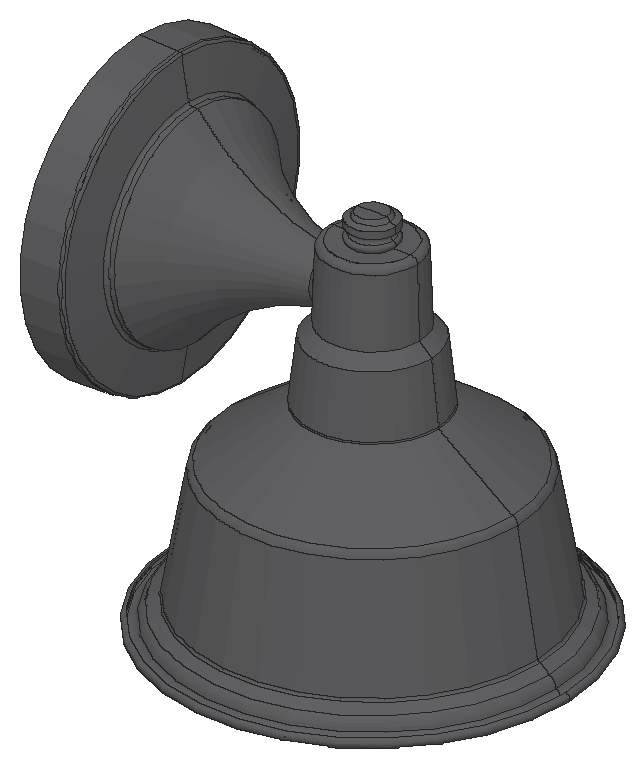
Revit family "Mini Wall Mount 1925 -8 LED", category Lighting Fixtures, Revit 2020
Family settings
  Round Connector Dimension = Use Diameter
  Part Type = Normal
  OmniClass Number = 23.80.70.00
  OmniClass Title = Lighting
  Work Plane-Based = No
  Always vertical = Yes
  Cut with Voids When Loaded = No
  Light Source = Yes
  Shared = No
  Room Calculation Point = No
Parameters (values of type "WM1925")
  Weight = "4.0 lbs"
  Wattage Comments = "9W"
  Wattage = 0.68 W
  Warranty = "5 year limited warranty"  # constant formula
  WM1925 = yes
  built-in parameter 1150110 = 1 (stored number, unit not read)
  Voltage = 277 V
  URL = "https://www.anplighting.com/assets/Uploads/product-attachments/specification-sheets/ANP-Specification-Sheet-RLM-LED-WM1925.pdf"
  built-in parameter 1114217 = 1 (stored number, unit not read)
  Tilt Angle = 90.00°
  built-in parameter 1150109 = 1 (stored number, unit not read)
  built-in parameter 1150134 = 12
  built-in parameter 1150113 = 1 (stored number, unit not read)
  Power Factor = 1
  Placement X axis side [instance] = 0' - 4 7/8"  # constant formula
  Photometric Web File = "generic.ies"
  Model = "WM1925"
  Manufacturer = "ANP Lighting"  # constant formula
  built-in parameter 1150105 = 67.641 (stored number, unit not read)
  Lumens = 850 lm
  built-in parameter 1150115 = 1 (stored number, unit not read)
  Load Classification = Lighting
  Light Source Height [instance] = 0' - 4 11/16"  # constant formula
  built-in parameter 1150137 = (empty or 0)
  built-in parameter 1150139 = (empty or 0)
  Light Elevation _2 [instance] = 0' - 1 137/256"  # constant formula
  Light Elevation _1 [instance] = 0' - 0 7/8"  # constant formula
  Light Elevation [instance] = 0' - 0"  # constant formula
  built-in parameter 1150112 = 1 (stored number, unit not read)
  built-in parameter 1150114 = 1 (stored number, unit not read)
  Lamp = "LED"
  built-in parameter 1150132 = 2
  built-in parameter 1150102 = (empty or 0)
  built-in parameter 1150107 = 4000 (stored number, unit not read)
  built-in parameter 1150138 = (empty or 0)
  built-in parameter 1150106 = 0.67641 (stored number, unit not read)
  INSIDE BODY = INSIDE BODY
  Fixture Height = 0' - 9 3/8"
  Fixture Diameter = 0' - 9"
  built-in parameter 1150104 = 116.13 (stored number, unit not read)
  Dimming Lamp Color Temperature Shift = <None>
  Description = "120-277 Voltage"  # constant formula
  Default Elevation = 0' - 0"
  Construction Material = "Heavy Duty spun aluminum."  # constant formula
  Color Filter = 16777215
  Bulb = Bulb
  Body Material = body
  Body Colour = "Spun aluminium"  # constant formula
  built-in parameter 1114218 = 1 (stored number, unit not read)
  built-in parameter 1150133 = 10 (stored number, unit not read)
  Apparent Load = 9 VA
Reference planes (in)
  plane 1 "Light Source Axis (F/B)": y = 0
  plane 2: z = 0
  plane 3 "Light Source Axis (L/R)": x = 0
  plane 4 "Light Source Elevation": z = 0
  plane 5: z = 0
  plane 6: x = 4.875
  plane 7 "Bulb Position": z = -1.53516
  plane 8 "Canopy Position": z = -0.875
  plane 9 "IES": z = -6.22266
Dimensions and locks (in)
  "Light Elevation": plane 5 to plane 2
  "Placement X axis side": plane 6 to plane 3 "Light Source Axis (L/R)"
  "Light Elevation _2": plane 5 to plane 7 "Bulb Position"
  "Light Elevation _1": plane 5 to plane 8 "Canopy Position"
  "Light Source Height": plane 7 "Bulb Position" to plane 9 "IES"
  locked: plane 4 "Light Source Elevation" to plane 2
  aligned and locked: level to plane 2
  aligned and locked: imposter light to plane 9 "IES"
  aligned and locked: plane 6 to imposter light
  aligned and locked: plane 3 "Light Source Axis (L/R)" to nested 1
  aligned and locked: nested 1 to plane 5
Nested families (in)
  nested 1: "WM1925" at (4.8769, 0, -6.25) x (-1, 0, 0) z (0, 0, 1), BODY <- "Body Material", visible <- "WM1925", WM1925 <- "WM1925", type "WM1925"
    with WM1925 yes, BODY body
Definition of nested family "WM1925"
  Parameters (values of type "WM1925")
    WM1925 [instance] = yes
    BODY [instance] = none
    Default Elevation = 0' - 0"
  Reference planes (in)
    plane 1 "Center (Front/Back)": y = 0
    plane 2: z = 0
    plane 3 "Center (Left/Right)": x = 0
    plane 4: z = 6.25
    plane 5: z = 9.375
    plane 6: x = -4.1231
    plane 7: x = 4.8769
  Forms (in)
    Revolve 1, solid, material <- "BODY", visible <- "WM1925"
      sketch origin (0, 0, -6.03739) x (1, 0, 0) y (0, 0, 1)
        loop
          line (-0.25, 13.2838) -> (-0.79923, 13.2838)
          arc (-0.79923, 13.2838) -> (-0.89752, 13.24572) -> (-0.94108, 13.14973) r 0.13945
          line (-0.94108, 13.14973) -> (-0.99499, 11.74822) -> (-1.24209, 11.50112) -> (-1.38254, 10.27233)
          arc (-1.38254, 10.27233) -> (-1.38534, 10.25335) -> (-1.38851, 10.23443) r 0.99908
          arc (-1.38851, 10.23443) -> (-2.1823, 9.71666) -> (-2.94276, 9.15108) r 15.41064
          arc (-2.94276, 9.15108) -> (-3.00645, 9.08133) -> (-3.04487, 8.99505) r 0.29546
          arc (-3.04487, 8.99505) -> (-3.28048, 7.81785) -> (-3.46269, 6.63121) r 26.58062
          arc (-3.46269, 6.63121) -> (-3.47242, 6.59926) -> (-3.4944, 6.57412) r 0.07962
          line (-3.4944, 6.57412) -> (-3.71506, 6.44015)
          arc (-3.71506, 6.44015) -> (-3.80532, 6.33952) -> (-3.84903, 6.21161) r 0.33864
          arc (-3.84903, 6.21161) -> (-3.92854, 6.1305) -> (-4.03816, 6.10074) r 0.21676
          arc (-4.03816, 6.10074) -> (-4.06235, 6.12492) -> (-4.03816, 6.14911) r 0.02419
          line (-4.03816, 6.14911) -> (-4.03816, 6.21161)
          arc (-4.03816, 6.21161) -> (-4.12485, 6.12492) -> (-4.03816, 6.03824) r 0.08669
          arc (-4.03816, 6.03824) -> (-3.89118, 6.08005) -> (-3.78821, 6.19297) r 0.27926
          arc (-3.78821, 6.19297) -> (-3.75473, 6.30207) -> (-3.68001, 6.38831) r 0.27614
          line (-3.68001, 6.38831) -> (-3.45978, 6.52202)
          arc (-3.45978, 6.52202) -> (-3.41903, 6.56672) -> (-3.40056, 6.62432) r 0.14212
          arc (-3.40056, 6.62432) -> (-3.21894, 7.80694) -> (-2.98416, 8.98017) r 26.51812
          arc (-2.98416, 8.98017) -> (-2.95384, 9.04758) -> (-2.90393, 9.1021) r 0.23296
          arc (-2.90393, 9.1021) -> (-2.1352, 9.6733) -> (-1.33233, 10.19544) r 15.34814
          arc (-1.33233, 10.19544) -> (-1.32586, 10.22989) -> (-1.32053, 10.26453) r 1.06158
          line (-1.32053, 10.26453) -> (-1.18474, 11.45244) -> (-0.93185, 11.70533) -> (-0.93185, 11.76357) -> (-0.87863, 13.14732)
          arc (-0.87863, 13.14732) -> (-0.85442, 13.20046) -> (-0.79987, 13.2213) r 0.07695
          line (-0.79987, 13.2213) -> (-0.25, 13.2213) -> (-0.25, 13.2838)
        axis (0, 13.2838) -> (0, 6.03824)
      angle from 0 to 360
    Revolve 2, solid, material <- "BODY", visible <- "WM1925"
      sketch origin (-0.25781, 0, -6.76653) x (1, 0, 0) y (0, 0, 1)
        loop
          line (5.13323, 16.14412) -> (4.36093, 16.1126) -> (4.29456, 16.1126)
          arc (4.29456, 16.1126) -> (4.26165, 16.10052) -> (4.24436, 16.07003) r 0.05088
          line (4.24436, 16.07003) -> (4.10875, 15.25068)
          arc (4.10875, 15.25068) -> (4.08619, 15.20464) -> (4.03782, 15.18764) r 0.06767
          line (4.03782, 15.18764) -> (3.91961, 15.18764)
          arc (3.91961, 15.18764) -> (2.69005, 14.11712) -> (1.1652, 13.54035) r 4.61977
          line (1.1652, 13.54035) -> (1.1652, 13.47702)
          arc (1.1652, 13.47702) -> (2.70795, 14.04833) -> (3.94894, 15.12832) r 4.57594
          line (3.94894, 15.12832) -> (4.04051, 15.12832)
          arc (4.04051, 15.12832) -> (4.13485, 15.16739) -> (4.17393, 15.26174) r 0.13342
          line (4.17393, 15.26174) -> (4.29719, 16.00647)
          arc (4.29719, 16.00647) -> (4.31387, 16.03659) -> (4.34581, 16.04943) r 0.0514
          line (4.34581, 16.04943) -> (5.13323, 16.08157) -> (5.13323, 16.14412)
        axis (5.13323, 13.01653) -> (1.1652, 13.01653)
      angle from 0 to 360
    Revolve 3, solid, material <- "BODY"
      sketch origin (0, 0, -6.41239) x (1, 0, 0) y (0, 0, 1)
        loop
          line (0, 14.21044) -> (-0.30165, 14.20229) -> (-0.35971, 14.12488) -> (-0.48073, 14.07647) -> (-0.48073, 13.9425)
          arc (-0.48073, 13.9425) -> (-0.39618, 13.88996) -> (-0.41769, 13.79277) r 0.08611
          arc (-0.41769, 13.79277) -> (-0.48073, 13.72184) -> (-0.40981, 13.6588) r 0.0671
          line (-0.40981, 13.6588) -> (-0.25, 13.6588) -> (-0.25, 13.93462) -> (0, 13.93462) -> (0, 14.21044)
        axis (0, 14.21044) -> (0, 13.6588)
      angle from 0 to 360
    Revolve 4, void
      sketch origin (-0.1875, 0, -6.75614) x (1, 0, 0) y (0, 0, 1)
        loop
          line (1.25993, 12.46954) -> (1.25993, 13.01653) -> (1.11893, 13.01653) -> (1.11893, 12.49285)
          arc (1.11893, 12.49285) -> (1.18951, 12.48166) -> (1.25993, 12.46954) r 5.38984
        axis (1.11893, 13.01653) -> (1.25993, 13.01653)
      angle from 0 to 360
  Cuts and joins
    Revolve 4 cuts Revolve 1
  Dimensions and locks (in)
    plane 5 to plane 2 = 0' - 9 3/8"
    plane 4 to plane 2 = 0' - 6 1/4"
    plane 3 "Center (Left/Right)" to plane 6 = 0' - 4.1231"
    plane 7 to plane 6 = 0' - 9"
    aligned and locked: plane 2 to level
